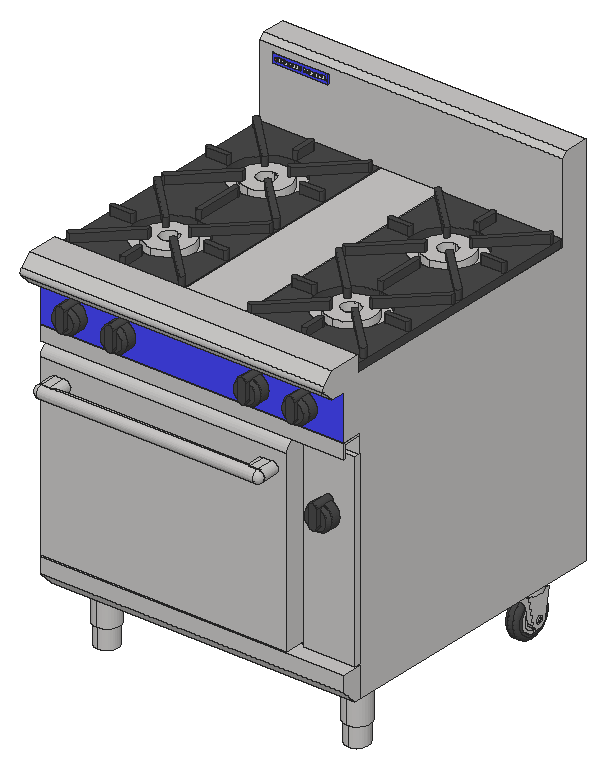
Revit family "QF_MOFFAT_BLUESEAL_CE_G54D", category Specialty Equipment, Revit 2012
Parameters
  Width = 750 mm  # constant formula
  Weight in Pounds = 399
  Watts = 130 W
  Volts = 230 V
  URL Cutsheet = "www.moffat.com"
  URL = "www.moffat.com"
  Type Mark [instance] = ""
  Status [instance] = ""
  Specification by User [instance] = ""
  Specification by Manufacturer = ""
  Show Logo [instance] = yes
  Show Clearance [instance] = yes
  Show Casters [instance] = yes
  Serial Number = ""
  Seismic Rating = ""
  SMACNA No = ""
  Revision Code [instance] = ""
  Phase = 1
  Omniclass Number and Title = ""
  Number of Poles [instance] = 1
  NAFEM Spec ID Number = ""
  Model = "G54D"
  Min Ckt Ampacity = 0 A
  Mechanical Remarks [instance] = ""
  Mechanical Connection Type [instance] = ""
  Max Overcurrent Protection = 0 A
  Masterspec = ""
  Manufacturer = "MOFFAT BLUESEAL"
  Legs [instance] = not(Show Casters)  # no
  Item Number [instance] = ""
  Installed By [instance] = ""
  Identify Quantity as Lot [instance] = yes
  Height = 1085 mm  # constant formula
  HP = ""
  Gas Size = 3/4"
  Gas RI Height [instance] = 0 mm
  Gas KW = 39.4
  Gas Input = 134590.0 Btu/h
  Gas Connection Height = 0 mm
  Furnished By [instance] = ""
  Foodservice Equipment Identifier [instance] = yes
  FL Amps = 0.6 A
  Electrical Remarks = ""
  Electric Connection Type = ""
  Elec Conn RI Height = 0 mm
  Elec Conn Connection Height = 0 mm
  Description = "750MM GAS RANGE WITH CONVECTION OVEN"
  Depth = 812 mm  # constant formula
  Cycle = 60 Hz
  Conn Plug = ""
  Conn Conduit = yes
  CSI MasterFormat = ""
  CSI Master Format = ""
  Apparent Power = 0 VA
Reference planes
  plane 1 "BACK": y = 0
  plane 2: z = 0
  plane 3 "LEFT": x = 0
  plane 4 "RIGHT": x = 750
  plane 5 "FRONT": y = -812
  plane 6 "TOP": z = 970
  plane 7 "Center Y": x = 375
  plane 8 "Center X": y = -406
  plane 9: y = -100
  plane 10 "Base Height": z = 150
  plane 11: x = 65.8
  plane 12: x = 620
  plane 13: x = 685
  plane 14: x = 684.2
  plane 15: y = -500
  plane 16: x = 676
  plane 17: z = 1085
Forms (mm)
  Extrusion 1, solid, material "QF_Finishes_Stainless Steel"
    sketch origin (0, 0, 0) x (0, 1, 0) y (0, 0, 1)
      loop
        line (-784.97, 850) -> (-749, 850) -> (-749, 740) -> (-699, 740) -> (-699, 150) -> (0, 150) -> (0, 1085) -> (-57.5, 1085) -> (-70, 1072.5) -> (-70, 875) -> (-705, 875) -> (-705, 915) -> (-783.97, 915) -> (-808.469, 890.501)
        arc (-808.469, 890.501) -> (-811.99, 882) -> (-808.469, 873.499) r 12.022
        line (-808.469, 873.499) -> (-784.97, 850)
    from 0 to 750
  Extrusion 2, solid, material "QF_Finishes_Stainless Steel"
    sketch origin (555.062, 3, 100) x (1, 0, 0) y (0, 1, 0)
      loop
        circle (65, -35) r 13.5
    from 555 to 640
  Revolve 3, solid, material "QF_Finishes_Stainless Steel"
    sketch origin (65, -728, 0) x (0, 1, 0) y (0, 0, 1)
      loop
        line (71.25, 150) -> (71.25, 50) -> (75.5, 50) -> (75.5, 0) -> (103, 0) -> (103, 150) -> (71.25, 150)
      axis (103, 150) -> (103, 0)
    angle from 0 to 360
  Extrusion 4, solid, material "QF_Finishes_Black"
    sketch origin (0, -70, 875) x (0, -1, 0) y (1, 0, 0)
      loop
        arc (1, 4) -> (1.879, 1.879) -> (4, 1) r 3
        line (4, 1) -> (632, 1)
        arc (632, 1) -> (634.121, 1.879) -> (635, 4) r 3
        line (635, 4) -> (635, 297)
        arc (635, 297) -> (634.121, 299.121) -> (632, 300) r 3
        line (632, 300) -> (4, 300)
        arc (4, 300) -> (1.879, 299.121) -> (1, 297) r 3
        line (1, 297) -> (1, 4)
      loop
        circle (167.5, 150) r 85
      loop
        circle (467.768, 150) r 85
    from 0 to 19.5
  Extrusion 5, solid, material "QF_Finishes_Black"
    sketch origin (0, -73.5, 894.5) x (0, -1, 0) y (1, 0, 0)
      loop
        spline (323.602, 15.153) -> (322.681, 13.924) -> (322.131, 12.47) -> (321.99, 10.89) -> (322.267, 9.292) -> (322.943, 7.786) -> (323.973, 6.473) -> (325.286, 5.443) -> (326.792, 4.767) -> (328.39, 4.49) -> (329.97, 4.631) -> (331.424, 5.181) -> (332.653, 6.102)
        line (332.653, 6.102) -> (440.576, 114.025)
        spline (440.576, 114.025) -> (441.337, 115.095) -> (441.738, 116.399) -> (441.751, 117.851) -> (441.375, 119.35) -> (440.637, 120.795) -> (439.586, 122.086) -> (438.295, 123.137) -> (436.85, 123.875) -> (435.351, 124.251) -> (433.899, 124.238) -> (432.595, 123.837) -> (431.525, 123.076)
        line (431.525, 123.076) -> (323.602, 15.153)
      loop
        spline (371.852, 143.6) -> (373.146, 143.818) -> (374.352, 144.457) -> (375.388, 145.475) -> (376.182, 146.8) -> (376.682, 148.344) -> (376.852, 150) -> (376.682, 151.656) -> (376.182, 153.2) -> (375.388, 154.525) -> (374.352, 155.543) -> (373.146, 156.182) -> (371.852, 156.4)
        line (371.852, 156.4) -> (259.398, 156.4)
        spline (259.398, 156.4) -> (258.104, 156.182) -> (256.898, 155.543) -> (255.862, 154.525) -> (255.068, 153.2) -> (254.568, 151.656) -> (254.398, 150) -> (254.568, 148.344) -> (255.068, 146.8) -> (255.862, 145.475) -> (256.898, 144.457) -> (258.104, 143.818) -> (259.398, 143.6)
        line (259.398, 143.6) -> (371.852, 143.6)
      loop
        line (311.398, 15.153) -> (203.475, 123.076)
        spline (203.475, 123.076) -> (202.405, 123.837) -> (201.101, 124.238) -> (199.649, 124.251) -> (198.15, 123.875) -> (196.705, 123.137) -> (195.414, 122.086) -> (194.363, 120.795) -> (193.625, 119.35) -> (193.249, 117.851) -> (193.262, 116.399) -> (193.663, 115.095) -> (194.424, 114.025)
        line (194.424, 114.025) -> (302.347, 6.102)
        spline (302.347, 6.102) -> (303.416, 5.341) -> (304.721, 4.941) -> (306.172, 4.928) -> (307.671, 5.303) -> (309.116, 6.041) -> (310.408, 7.092) -> (311.459, 8.384) -> (312.197, 9.829) -> (312.572, 11.328) -> (312.559, 12.779) -> (312.159, 14.084) -> (311.398, 15.153)
      loop
        line (323.602, 284.847) -> (431.525, 176.924)
        spline (431.525, 176.924) -> (432.595, 176.163) -> (433.899, 175.762) -> (435.351, 175.749) -> (436.85, 176.125) -> (438.295, 176.863) -> (439.586, 177.914) -> (440.637, 179.205) -> (441.375, 180.65) -> (441.751, 182.149) -> (441.738, 183.601) -> (441.337, 184.905) -> (440.576, 185.975)
        line (440.576, 185.975) -> (332.653, 293.898)
        spline (332.653, 293.898) -> (331.424, 294.819) -> (329.97, 295.369) -> (328.39, 295.51) -> (326.792, 295.233) -> (325.286, 294.557) -> (323.973, 293.527) -> (322.943, 292.214) -> (322.267, 290.708) -> (321.99, 289.11) -> (322.131, 287.53) -> (322.681, 286.076) -> (323.602, 284.847)
      loop
        spline (311.398, 284.847) -> (312.159, 285.916) -> (312.559, 287.221) -> (312.572, 288.672) -> (312.197, 290.171) -> (311.459, 291.616) -> (310.408, 292.908) -> (309.116, 293.959) -> (307.671, 294.697) -> (306.172, 295.072) -> (304.721, 295.059) -> (303.416, 294.659) -> (302.347, 293.898)
        line (302.347, 293.898) -> (194.424, 185.975)
        spline (194.424, 185.975) -> (193.663, 184.905) -> (193.262, 183.601) -> (193.249, 182.149) -> (193.625, 180.65) -> (194.363, 179.205) -> (195.414, 177.914) -> (196.705, 176.863) -> (198.15, 176.125) -> (199.649, 175.749) -> (201.101, 175.762) -> (202.405, 176.163) -> (203.475, 176.924)
        line (203.475, 176.924) -> (311.398, 284.847)
      loop
        spline (73.549, 143.6) -> (74.844, 143.818) -> (76.049, 144.457) -> (77.085, 145.475) -> (77.88, 146.8) -> (78.379, 148.344) -> (78.549, 150) -> (78.379, 151.656) -> (77.88, 153.2) -> (77.085, 154.525) -> (76.049, 155.543) -> (74.844, 156.182) -> (73.549, 156.4)
        line (73.549, 156.4) -> (25.093, 156.4)
        spline (25.093, 156.4) -> (23.799, 156.182) -> (22.593, 155.543) -> (21.558, 154.525) -> (20.763, 153.2) -> (20.264, 151.656) -> (20.093, 150) -> (20.264, 148.344) -> (20.763, 146.8) -> (21.558, 145.475) -> (22.593, 144.457) -> (23.799, 143.818) -> (25.093, 143.6)
        line (25.093, 143.6) -> (73.549, 143.6)
      loop
        spline (608.1, 143.6) -> (609.394, 143.818) -> (610.6, 144.457) -> (611.636, 145.475) -> (612.43, 146.8) -> (612.93, 148.344) -> (613.1, 150) -> (612.93, 151.656) -> (612.43, 153.2) -> (611.636, 154.525) -> (610.6, 155.543) -> (609.394, 156.182) -> (608.1, 156.4)
        line (608.1, 156.4) -> (558.644, 156.4)
        spline (558.644, 156.4) -> (557.35, 156.182) -> (556.144, 155.543) -> (555.108, 154.525) -> (554.314, 153.2) -> (553.814, 151.656) -> (553.644, 150) -> (553.814, 148.344) -> (554.314, 146.8) -> (555.108, 145.475) -> (556.144, 144.457) -> (557.35, 143.818) -> (558.644, 143.6)
        line (558.644, 143.6) -> (608.1, 143.6)
      loop
        spline (457.6, 10.156) -> (457.818, 8.862) -> (458.457, 7.656) -> (459.475, 6.62) -> (460.8, 5.826) -> (462.344, 5.326) -> (464, 5.156) -> (465.656, 5.326) -> (467.2, 5.826) -> (468.525, 6.62) -> (469.543, 7.656) -> (470.182, 8.862) -> (470.4, 10.156)
        line (470.4, 10.156) -> (470.4, 58.612)
        spline (470.4, 58.612) -> (470.182, 59.906) -> (469.543, 61.112) -> (468.525, 62.148) -> (467.2, 62.942) -> (465.656, 63.442) -> (464, 63.612) -> (462.344, 63.442) -> (460.8, 62.942) -> (459.475, 62.148) -> (458.457, 61.112) -> (457.818, 59.906) -> (457.6, 58.612)
        line (457.6, 58.612) -> (457.6, 10.156)
      loop
        spline (160.966, 10.156) -> (161.184, 8.862) -> (161.823, 7.656) -> (162.841, 6.62) -> (164.166, 5.826) -> (165.71, 5.326) -> (167.366, 5.156) -> (169.022, 5.326) -> (170.566, 5.826) -> (171.892, 6.62) -> (172.909, 7.656) -> (173.548, 8.862) -> (173.766, 10.156)
        line (173.766, 10.156) -> (173.766, 58.612)
        spline (173.766, 58.612) -> (173.548, 59.906) -> (172.909, 61.112) -> (171.892, 62.148) -> (170.566, 62.942) -> (169.022, 63.442) -> (167.366, 63.612) -> (165.71, 63.442) -> (164.166, 62.942) -> (162.841, 62.148) -> (161.823, 61.112) -> (161.184, 59.906) -> (160.966, 58.612)
        line (160.966, 58.612) -> (160.966, 10.156)
      loop
        spline (457.6, 241.636) -> (457.818, 240.342) -> (458.457, 239.136) -> (459.475, 238.1) -> (460.8, 237.306) -> (462.344, 236.806) -> (464, 236.636) -> (465.656, 236.806) -> (467.2, 237.306) -> (468.525, 238.1) -> (469.543, 239.136) -> (470.182, 240.342) -> (470.4, 241.636)
        line (470.4, 241.636) -> (470.4, 290.092)
        spline (470.4, 290.092) -> (470.182, 291.386) -> (469.543, 292.592) -> (468.525, 293.628) -> (467.2, 294.422) -> (465.656, 294.922) -> (464, 295.092) -> (462.344, 294.922) -> (460.8, 294.422) -> (459.475, 293.628) -> (458.457, 292.592) -> (457.818, 291.386) -> (457.6, 290.092)
        line (457.6, 290.092) -> (457.6, 241.636)
      loop
        spline (160.966, 241.636) -> (161.184, 240.342) -> (161.823, 239.136) -> (162.841, 238.1) -> (164.166, 237.306) -> (165.71, 236.806) -> (167.366, 236.636) -> (169.022, 236.806) -> (170.566, 237.306) -> (171.892, 238.1) -> (172.909, 239.136) -> (173.548, 240.342) -> (173.766, 241.636)
        line (173.766, 241.636) -> (173.766, 290.092)
        spline (173.766, 290.092) -> (173.548, 291.386) -> (172.909, 292.592) -> (171.892, 293.628) -> (170.566, 294.422) -> (169.022, 294.922) -> (167.366, 295.092) -> (165.71, 294.922) -> (164.166, 294.422) -> (162.841, 293.628) -> (161.823, 292.592) -> (161.184, 291.386) -> (160.966, 290.092)
        line (160.966, 290.092) -> (160.966, 241.636)
      loop
        line (323.602, 734.847) -> (431.525, 626.924)
        spline (431.525, 626.924) -> (432.595, 626.163) -> (433.899, 625.762) -> (435.351, 625.749) -> (436.85, 626.125) -> (438.295, 626.863) -> (439.586, 627.914) -> (440.637, 629.205) -> (441.375, 630.65) -> (441.751, 632.149) -> (441.738, 633.601) -> (441.337, 634.905) -> (440.576, 635.975)
        line (440.576, 635.975) -> (332.653, 743.898)
        spline (332.653, 743.898) -> (331.424, 744.819) -> (329.97, 745.369) -> (328.39, 745.51) -> (326.792, 745.233) -> (325.286, 744.557) -> (323.973, 743.527) -> (322.943, 742.214) -> (322.267, 740.708) -> (321.99, 739.11) -> (322.131, 737.53) -> (322.681, 736.076) -> (323.602, 734.847)
      loop
        line (371.852, 606.4) -> (259.398, 606.4)
        spline (259.398, 606.4) -> (258.104, 606.182) -> (256.898, 605.543) -> (255.862, 604.525) -> (255.068, 603.2) -> (254.568, 601.656) -> (254.398, 600) -> (254.568, 598.344) -> (255.068, 596.8) -> (255.862, 595.475) -> (256.898, 594.457) -> (258.104, 593.818) -> (259.398, 593.6)
        line (259.398, 593.6) -> (371.852, 593.6)
        spline (371.852, 593.6) -> (373.146, 593.818) -> (374.352, 594.457) -> (375.388, 595.475) -> (376.182, 596.8) -> (376.682, 598.344) -> (376.852, 600) -> (376.682, 601.656) -> (376.182, 603.2) -> (375.388, 604.525) -> (374.352, 605.543) -> (373.146, 606.182) -> (371.852, 606.4)
      loop
        spline (311.398, 734.847) -> (312.159, 735.916) -> (312.559, 737.221) -> (312.572, 738.672) -> (312.197, 740.171) -> (311.459, 741.616) -> (310.408, 742.908) -> (309.116, 743.959) -> (307.671, 744.697) -> (306.172, 745.072) -> (304.721, 745.059) -> (303.416, 744.659) -> (302.347, 743.898)
        line (302.347, 743.898) -> (194.424, 635.975)
        spline (194.424, 635.975) -> (193.663, 634.905) -> (193.262, 633.601) -> (193.249, 632.149) -> (193.625, 630.65) -> (194.363, 629.205) -> (195.414, 627.914) -> (196.705, 626.863) -> (198.15, 626.125) -> (199.649, 625.749) -> (201.101, 625.762) -> (202.405, 626.163) -> (203.475, 626.924)
        line (203.475, 626.924) -> (311.398, 734.847)
      loop
        spline (323.602, 465.153) -> (322.681, 463.924) -> (322.131, 462.47) -> (321.99, 460.89) -> (322.267, 459.292) -> (322.943, 457.786) -> (323.973, 456.473) -> (325.286, 455.443) -> (326.792, 454.767) -> (328.39, 454.49) -> (329.97, 454.631) -> (331.424, 455.181) -> (332.653, 456.102)
        line (332.653, 456.102) -> (440.576, 564.025)
        spline (440.576, 564.025) -> (441.337, 565.095) -> (441.738, 566.399) -> (441.751, 567.851) -> (441.375, 569.35) -> (440.637, 570.795) -> (439.586, 572.086) -> (438.295, 573.137) -> (436.85, 573.875) -> (435.351, 574.251) -> (433.899, 574.238) -> (432.595, 573.837) -> (431.525, 573.076)
        line (431.525, 573.076) -> (323.602, 465.153)
      loop
        line (311.398, 465.153) -> (203.475, 573.076)
        spline (203.475, 573.076) -> (202.405, 573.837) -> (201.101, 574.238) -> (199.649, 574.251) -> (198.15, 573.875) -> (196.705, 573.137) -> (195.414, 572.086) -> (194.363, 570.795) -> (193.625, 569.35) -> (193.249, 567.851) -> (193.262, 566.399) -> (193.663, 565.095) -> (194.424, 564.025)
        line (194.424, 564.025) -> (302.347, 456.102)
        spline (302.347, 456.102) -> (303.416, 455.341) -> (304.721, 454.941) -> (306.172, 454.928) -> (307.671, 455.303) -> (309.116, 456.041) -> (310.408, 457.092) -> (311.459, 458.384) -> (312.197, 459.829) -> (312.572, 461.328) -> (312.559, 462.779) -> (312.159, 464.084) -> (311.398, 465.153)
      loop
        line (73.549, 606.4) -> (25.093, 606.4)
        spline (25.093, 606.4) -> (23.799, 606.182) -> (22.593, 605.543) -> (21.558, 604.525) -> (20.763, 603.2) -> (20.264, 601.656) -> (20.093, 600) -> (20.264, 598.344) -> (20.763, 596.8) -> (21.558, 595.475) -> (22.593, 594.457) -> (23.799, 593.818) -> (25.093, 593.6)
        line (25.093, 593.6) -> (73.549, 593.6)
        spline (73.549, 593.6) -> (74.844, 593.818) -> (76.049, 594.457) -> (77.085, 595.475) -> (77.88, 596.8) -> (78.379, 598.344) -> (78.549, 600) -> (78.379, 601.656) -> (77.88, 603.2) -> (77.085, 604.525) -> (76.049, 605.543) -> (74.844, 606.182) -> (73.549, 606.4)
      loop
        line (608.1, 606.4) -> (558.644, 606.4)
        spline (558.644, 606.4) -> (557.35, 606.182) -> (556.144, 605.543) -> (555.108, 604.525) -> (554.314, 603.2) -> (553.814, 601.656) -> (553.644, 600) -> (553.814, 598.344) -> (554.314, 596.8) -> (555.108, 595.475) -> (556.144, 594.457) -> (557.35, 593.818) -> (558.644, 593.6)
        line (558.644, 593.6) -> (608.1, 593.6)
        spline (608.1, 593.6) -> (609.394, 593.818) -> (610.6, 594.457) -> (611.636, 595.475) -> (612.43, 596.8) -> (612.93, 598.344) -> (613.1, 600) -> (612.93, 601.656) -> (612.43, 603.2) -> (611.636, 604.525) -> (610.6, 605.543) -> (609.394, 606.182) -> (608.1, 606.4)
      loop
        line (457.6, 739.844) -> (457.6, 691.388)
        spline (457.6, 691.388) -> (457.818, 690.094) -> (458.457, 688.888) -> (459.475, 687.852) -> (460.8, 687.058) -> (462.344, 686.558) -> (464, 686.388) -> (465.656, 686.558) -> (467.2, 687.058) -> (468.525, 687.852) -> (469.543, 688.888) -> (470.182, 690.094) -> (470.4, 691.388)
        line (470.4, 691.388) -> (470.4, 739.844)
        spline (470.4, 739.844) -> (470.182, 741.138) -> (469.543, 742.344) -> (468.525, 743.38) -> (467.2, 744.174) -> (465.656, 744.674) -> (464, 744.844) -> (462.344, 744.674) -> (460.8, 744.174) -> (459.475, 743.38) -> (458.457, 742.344) -> (457.818, 741.138) -> (457.6, 739.844)
      loop
        line (160.966, 739.844) -> (160.966, 691.388)
        spline (160.966, 691.388) -> (161.184, 690.094) -> (161.823, 688.888) -> (162.841, 687.852) -> (164.166, 687.058) -> (165.71, 686.558) -> (167.366, 686.388) -> (169.022, 686.558) -> (170.566, 687.058) -> (171.892, 687.852) -> (172.909, 688.888) -> (173.548, 690.094) -> (173.766, 691.388)
        line (173.766, 691.388) -> (173.766, 739.844)
        spline (173.766, 739.844) -> (173.548, 741.138) -> (172.909, 742.344) -> (171.892, 743.38) -> (170.566, 744.174) -> (169.022, 744.674) -> (167.366, 744.844) -> (165.71, 744.674) -> (164.166, 744.174) -> (162.841, 743.38) -> (161.823, 742.344) -> (161.184, 741.138) -> (160.966, 739.844)
      loop
        line (457.6, 508.364) -> (457.6, 459.908)
        spline (457.6, 459.908) -> (457.818, 458.614) -> (458.457, 457.408) -> (459.475, 456.372) -> (460.8, 455.578) -> (462.344, 455.078) -> (464, 454.908) -> (465.656, 455.078) -> (467.2, 455.578) -> (468.525, 456.372) -> (469.543, 457.408) -> (470.182, 458.614) -> (470.4, 459.908)
        line (470.4, 459.908) -> (470.4, 508.364)
        spline (470.4, 508.364) -> (470.182, 509.658) -> (469.543, 510.864) -> (468.525, 511.9) -> (467.2, 512.694) -> (465.656, 513.194) -> (464, 513.364) -> (462.344, 513.194) -> (460.8, 512.694) -> (459.475, 511.9) -> (458.457, 510.864) -> (457.818, 509.658) -> (457.6, 508.364)
      loop
        line (160.966, 508.364) -> (160.966, 459.908)
        spline (160.966, 459.908) -> (161.184, 458.614) -> (161.823, 457.408) -> (162.841, 456.372) -> (164.166, 455.578) -> (165.71, 455.078) -> (167.366, 454.908) -> (169.022, 455.078) -> (170.566, 455.578) -> (171.892, 456.372) -> (172.909, 457.408) -> (173.548, 458.614) -> (173.766, 459.908)
        line (173.766, 459.908) -> (173.766, 508.364)
        spline (173.766, 508.364) -> (173.548, 509.658) -> (172.909, 510.864) -> (171.892, 511.9) -> (170.566, 512.694) -> (169.022, 513.194) -> (167.366, 513.364) -> (165.71, 513.194) -> (164.166, 512.694) -> (162.841, 511.9) -> (161.823, 510.864) -> (161.184, 509.658) -> (160.966, 508.364)
      loop
        spline (604.398, 734.847) -> (605.319, 736.076) -> (605.869, 737.53) -> (606.01, 739.11) -> (605.733, 740.708) -> (605.057, 742.214) -> (604.027, 743.527) -> (602.714, 744.557) -> (601.208, 745.233) -> (599.61, 745.51) -> (598.03, 745.369) -> (596.576, 744.819) -> (595.347, 743.898)
        line (595.347, 743.898) -> (487.424, 635.975)
        spline (487.424, 635.975) -> (486.663, 634.905) -> (486.262, 633.601) -> (486.249, 632.149) -> (486.625, 630.65) -> (487.363, 629.205) -> (488.414, 627.914) -> (489.705, 626.863) -> (491.15, 626.125) -> (492.649, 625.749) -> (494.101, 625.762) -> (495.405, 626.163) -> (496.475, 626.924)
        line (496.475, 626.924) -> (604.398, 734.847)
      loop
        line (604.398, 465.153) -> (496.475, 573.076)
        spline (496.475, 573.076) -> (495.405, 573.837) -> (494.101, 574.238) -> (492.649, 574.251) -> (491.15, 573.875) -> (489.705, 573.137) -> (488.414, 572.086) -> (487.363, 570.795) -> (486.625, 569.35) -> (486.249, 567.851) -> (486.262, 566.399) -> (486.663, 565.095) -> (487.424, 564.025)
        line (487.424, 564.025) -> (595.347, 456.102)
        spline (595.347, 456.102) -> (596.576, 455.181) -> (598.03, 454.631) -> (599.61, 454.49) -> (601.208, 454.767) -> (602.714, 455.443) -> (604.027, 456.473) -> (605.057, 457.786) -> (605.733, 459.292) -> (606.01, 460.89) -> (605.869, 462.47) -> (605.319, 463.924) -> (604.398, 465.153)
      loop
        line (604.398, 15.153) -> (496.475, 123.076)
        spline (496.475, 123.076) -> (495.405, 123.837) -> (494.101, 124.238) -> (492.649, 124.251) -> (491.15, 123.875) -> (489.705, 123.137) -> (488.414, 122.086) -> (487.363, 120.795) -> (486.625, 119.35) -> (486.249, 117.851) -> (486.262, 116.399) -> (486.663, 115.095) -> (487.424, 114.025)
        line (487.424, 114.025) -> (595.347, 6.102)
        spline (595.347, 6.102) -> (596.576, 5.181) -> (598.03, 4.631) -> (599.61, 4.49) -> (601.208, 4.767) -> (602.714, 5.443) -> (604.027, 6.473) -> (605.057, 7.786) -> (605.733, 9.292) -> (606.01, 10.89) -> (605.869, 12.47) -> (605.319, 13.924) -> (604.398, 15.153)
      loop
        spline (604.398, 284.847) -> (605.319, 286.076) -> (605.869, 287.53) -> (606.01, 289.11) -> (605.733, 290.708) -> (605.057, 292.214) -> (604.027, 293.527) -> (602.714, 294.557) -> (601.208, 295.233) -> (599.61, 295.51) -> (598.03, 295.369) -> (596.576, 294.819) -> (595.347, 293.898)
        line (595.347, 293.898) -> (487.424, 185.975)
        spline (487.424, 185.975) -> (486.663, 184.905) -> (486.262, 183.601) -> (486.249, 182.149) -> (486.625, 180.65) -> (487.363, 179.205) -> (488.414, 177.914) -> (489.705, 176.863) -> (491.15, 176.125) -> (492.649, 175.749) -> (494.101, 175.762) -> (495.405, 176.163) -> (496.475, 176.924)
        line (496.475, 176.924) -> (604.398, 284.847)
      loop
        line (16.602, 734.847) -> (124.525, 626.924)
        spline (124.525, 626.924) -> (125.595, 626.163) -> (126.899, 625.762) -> (128.351, 625.749) -> (129.85, 626.125) -> (131.295, 626.863) -> (132.586, 627.914) -> (133.637, 629.205) -> (134.375, 630.65) -> (134.751, 632.149) -> (134.738, 633.601) -> (134.337, 634.905) -> (133.576, 635.975)
        line (133.576, 635.975) -> (25.653, 743.898)
        spline (25.653, 743.898) -> (24.584, 744.659) -> (23.279, 745.059) -> (21.828, 745.072) -> (20.329, 744.697) -> (18.884, 743.959) -> (17.592, 742.908) -> (16.541, 741.616) -> (15.803, 740.171) -> (15.428, 738.672) -> (15.441, 737.221) -> (15.841, 735.916) -> (16.602, 734.847)
      loop
        spline (16.602, 465.153) -> (15.841, 464.084) -> (15.441, 462.779) -> (15.428, 461.328) -> (15.803, 459.829) -> (16.541, 458.384) -> (17.592, 457.092) -> (18.884, 456.041) -> (20.329, 455.303) -> (21.828, 454.928) -> (23.279, 454.941) -> (24.584, 455.341) -> (25.653, 456.102)
        line (25.653, 456.102) -> (133.576, 564.025)
        spline (133.576, 564.025) -> (134.337, 565.095) -> (134.738, 566.399) -> (134.751, 567.851) -> (134.375, 569.35) -> (133.637, 570.795) -> (132.586, 572.086) -> (131.295, 573.137) -> (129.85, 573.875) -> (128.351, 574.251) -> (126.899, 574.238) -> (125.595, 573.837) -> (124.525, 573.076)
        line (124.525, 573.076) -> (16.602, 465.153)
      loop
        spline (16.602, 15.153) -> (15.841, 14.084) -> (15.441, 12.779) -> (15.428, 11.328) -> (15.803, 9.829) -> (16.541, 8.384) -> (17.592, 7.092) -> (18.884, 6.041) -> (20.329, 5.303) -> (21.828, 4.928) -> (23.279, 4.941) -> (24.584, 5.341) -> (25.653, 6.102)
        line (25.653, 6.102) -> (133.576, 114.025)
        spline (133.576, 114.025) -> (134.337, 115.095) -> (134.738, 116.399) -> (134.751, 117.851) -> (134.375, 119.35) -> (133.637, 120.795) -> (132.586, 122.086) -> (131.295, 123.137) -> (129.85, 123.875) -> (128.351, 124.251) -> (126.899, 124.238) -> (125.595, 123.837) -> (124.525, 123.076)
        line (124.525, 123.076) -> (16.602, 15.153)
      loop
        line (16.602, 284.847) -> (124.525, 176.924)
        spline (124.525, 176.924) -> (125.595, 176.163) -> (126.899, 175.762) -> (128.351, 175.749) -> (129.85, 176.125) -> (131.295, 176.863) -> (132.586, 177.914) -> (133.637, 179.205) -> (134.375, 180.65) -> (134.751, 182.149) -> (134.738, 183.601) -> (134.337, 184.905) -> (133.576, 185.975)
        line (133.576, 185.975) -> (25.653, 293.898)
        spline (25.653, 293.898) -> (24.584, 294.659) -> (23.279, 295.059) -> (21.828, 295.072) -> (20.329, 294.697) -> (18.884, 293.959) -> (17.592, 292.908) -> (16.541, 291.616) -> (15.803, 290.171) -> (15.428, 288.672) -> (15.441, 287.221) -> (15.841, 285.916) -> (16.602, 284.847)
    from 0 to 20.5
  Revolve 6, solid, material "QF_Finishes_Stainless Steel"
    sketch origin (685, -728, 0) x (0, 1, 0) y (0, 0, -1)
      loop
        line (71.25, -150) -> (103, -150) -> (103, 0) -> (75.5, 0) -> (75.5, -50) -> (71.25, -50) -> (71.25, -150)
      axis (103, -150) -> (103, 0)
    angle from 0 to 360
  Extrusion 7, solid, material "QF_Finishes_Stainless Steel"
    sketch origin (0, -70, 875) x (0, -1, 0) y (1, 0, 0)
      loop
        line (634, 300) -> (634, 450) -> (0, 450) -> (0, 300) -> (634, 300)
    from 0 to 19.5
  Extrusion 8, void
    sketch origin (0, -749, 227.5) x (0, 0, -1) y (-1, 0, 0)
      loop
        line (-465, -610) -> (-465, -625) -> (0, -625) -> (0, -610) -> (-465, -610)
    from -7 to 50
  Extrusion 9, solid, material "QF_Finishes_Black"
    sketch origin (750, -70, 875) x (0, -1, 0) y (1, 0, 0)
      loop
        line (1, -4) -> (1, -297)
        arc (1, -297) -> (1.879, -299.121) -> (4, -300) r 3
        line (4, -300) -> (632, -300)
        arc (632, -300) -> (634.121, -299.121) -> (635, -297) r 3
        line (635, -297) -> (635, -4)
        arc (635, -4) -> (634.121, -1.879) -> (632, -1) r 3
        line (632, -1) -> (4, -1)
        arc (4, -1) -> (1.879, -1.879) -> (1, -4) r 3
      loop
        circle (167.5, -150) r 85
      loop
        circle (467.768, -150) r 85
    from 0 to 19.5
  Revolve 10, solid, material "QF_Finishes_Black"
    sketch origin (210, 7, 758.895) x (0, -1, 0) y (0, 0, 1)
      loop
        line (789, 69.605) -> (766, 69.605) -> (766, 42.105) -> (756, 42.105) -> (756, 37.105) -> (800, 37.105) -> (800, 63.757) -> (789, 69.605)
      axis (800, 37.105) -> (756, 37.105)
    angle from 0 to 360
  Revolve 11, solid, material "QF_Finishes_Black"
    sketch origin (89.999, 7, 758.768) x (0, 1, 0) y (0, 0, -1)
      loop
        line (-789, -69.5) -> (-766, -69.5) -> (-766, -42) -> (-756, -42) -> (-756, -37) -> (-800, -37) -> (-800, -63.651) -> (-789, -69.5)
      axis (-800, -37) -> (-756, -37)
    angle from 0 to 360
  Extrusion 12, solid, material "QF_Finishes_Black"
    sketch origin (228.269, 7, 758.926) x (-1, 0, 0) y (0, 0, -1)
      loop
        arc (148.269, -24.969) -> (138.269, -14.969) -> (128.269, -24.969) r 10
        line (128.269, -24.969) -> (128.269, -63.969)
        arc (128.269, -63.969) -> (138.269, -73.969) -> (148.269, -63.969) r 10
        line (148.269, -63.969) -> (148.269, -24.969)
    from 759 to 808
  Extrusion 13, solid, material "QF_Finishes_Black"
    sketch origin (349.45, 7, 758.926) x (-1, 0, 0) y (0, 0, -1)
      loop
        arc (148.269, -24.969) -> (138.269, -14.969) -> (128.269, -24.969) r 10
        line (128.269, -24.969) -> (128.269, -63.969)
        arc (128.269, -63.969) -> (138.269, -73.969) -> (148.269, -63.969) r 10
        line (148.269, -63.969) -> (148.269, -24.969)
    from 759 to 808
  Revolve 14, solid, material "QF_Finishes_Black"
    sketch origin (540, 7, 758.895) x (0, -1, 0) y (0, 0, -1)
      loop
        line (789, -69.605) -> (800, -63.757) -> (800, -37.105) -> (756, -37.105) -> (756, -42.105) -> (766, -42.105) -> (766, -69.605) -> (789, -69.605)
      axis (800, -37.105) -> (756, -37.105)
    angle from 0 to 360
  Revolve 15, solid, material "QF_Finishes_Black"
    sketch origin (660.001, 7, 758.768) x (0, 1, 0) y (0, 0, 1)
      loop
        line (-789, 69.5) -> (-800, 63.651) -> (-800, 37) -> (-756, 37) -> (-756, 42) -> (-766, 42) -> (-766, 69.5) -> (-789, 69.5)
      axis (-800, 37) -> (-756, 37)
    angle from 0 to 360
  Extrusion 16, solid, material "QF_Finishes_Black"
    sketch origin (521.731, 7, 758.926) x (1, 0, 0) y (0, 0, 1)
      loop
        line (148.269, 24.969) -> (148.269, 63.969)
        arc (148.269, 63.969) -> (138.269, 73.969) -> (128.269, 63.969) r 10
        line (128.269, 63.969) -> (128.269, 24.969)
        arc (128.269, 24.969) -> (138.269, 14.969) -> (148.269, 24.969) r 10
    from 759 to 808
  Extrusion 17, solid, material "QF_Finishes_Black"
    sketch origin (401.731, 7, 758.926) x (1, 0, 0) y (0, 0, 1)
      loop
        line (148.269, 24.969) -> (148.269, 63.969)
        arc (148.269, 63.969) -> (138.269, 73.969) -> (128.269, 63.969) r 10
        line (128.269, 63.969) -> (128.269, 24.969)
        arc (128.269, 24.969) -> (138.269, 14.969) -> (148.269, 24.969) r 10
    from 759 to 808
  Revolve 18, solid, material "QF_Finishes_Black"
    sketch origin (687.53, 42.5, 355.134) x (0, 1, 0) y (0, 0, 1)
      loop
        line (-789, 229.5) -> (-800, 223.651) -> (-800, 197) -> (-756, 197) -> (-756, 202) -> (-766, 202) -> (-766, 229.5) -> (-789, 229.5)
      axis (-800, 197) -> (-756, 197)
    angle from 0 to 360
  Extrusion 19, solid, material "QF_Finishes_Black"
    sketch origin (549.26, 42.5, 355.292) x (1, 0, 0) y (0, 0, 1)
      loop
        line (148.269, 184.969) -> (148.269, 223.969)
        arc (148.269, 223.969) -> (138.269, 233.969) -> (128.269, 223.969) r 10
        line (128.269, 223.969) -> (128.269, 184.969)
        arc (128.269, 184.969) -> (138.269, 174.969) -> (148.269, 184.969) r 10
    from 759 to 808
  Extrusion 20, solid, material "QF_Door-Drawer Clearances", visible <- "Show Clearance", detail levels coarse
    sketch origin (0, 7, 0) x (0, -1, 0) y (0, 0, 1)
      loop
        line (756, 690.016) -> (756, 227.5) -> (1218.516, 227.5)
        arc (1218.516, 227.5) -> (1083.048, 554.548) -> (756, 690.016) r 462.516
    from 0 to -610
  Extrusion 21, void
    sketch origin (0, 0, 150) x (-1, 0, 0) y (0, -1, 0)
      loop
        line (-681, 87.26) -> (-681, -30.24) -> (-551.5, -30.24) -> (-551.5, 38.76) -> (-600, 87.26) -> (-681, 87.26)
    from 72.5 to 590
  Extrusion 22, void
    sketch origin (35, -749, 227.5) x (0, 0, -1) y (-1, 0, 0)
      loop
        line (-472.5, -590) -> (-472.5, -715) -> (0, -715) -> (0, -590) -> (-472.5, -590)
    from -7 to 35
  Extrusion 23, solid, material "QF_Finishes_Stainless Steel"
    sketch origin (0, -70, 875) x (0, -1, 0) y (1, 0, 0)
      loop
        circle (467.5, 600) r 57
      loop
        circle (167.5, 600) r 57
      loop
        circle (467.5, 600) r 22
      loop
        circle (167.5, 600) r 22
      loop
        circle (467.5, 150) r 57
      loop
        circle (167.5, 150) r 57
      loop
        circle (467.5, 150) r 22
      loop
        circle (167.5, 150) r 22
    from 0 to 19.5
  Extrusion 24, solid, material "QF_Finishes_Stainless Steel"
    sketch origin (0, -749, 227.5) x (0, 0, 1) y (-1, 0, 0)
      loop
        line (380.625, -38.246) -> (380.625, -58.528)
        arc (380.625, -58.528) -> (395.625, -73.528) -> (410.625, -58.528) r 15
        line (410.625, -58.528) -> (410.625, -38.246)
        arc (410.625, -38.246) -> (395.625, -23.246) -> (380.625, -38.246) r 15
      loop
        arc (380.625, -573.039) -> (395.625, -588.039) -> (410.625, -573.039) r 15
        line (410.625, -573.039) -> (410.625, -552.757)
        arc (410.625, -552.757) -> (395.625, -537.757) -> (380.625, -552.757) r 15
        line (380.625, -552.757) -> (380.625, -573.039)
    from 0 to 44
  Revolve 25, solid, material "QF_Finishes_Stainless Steel"
    sketch origin (0, -793, 0) x (1, 0, 0) y (0, 0, 1)
      loop
        arc (588.039, 623.125) -> (583.646, 633.732) -> (573.039, 638.125) r 15
        line (573.039, 638.125) -> (38.246, 638.125)
        arc (38.246, 638.125) -> (27.64, 633.732) -> (23.246, 623.125) r 15
        line (23.246, 623.125) -> (588.039, 623.125)
      axis (588.039, 623.125) -> (23.246, 623.125)
    angle from 0 to 360
  Extrusion 26, solid, material "QF_Finishes_Stainless Steel"
    sketch origin (0, 7, 0) x (0, 1, 0) y (0, 0, 1)
      loop
        line (-706, 227.5) -> (-706, 692.5) -> (-729.805, 692.5)
        arc (-729.805, 692.5) -> (-748.328, 684.828) -> (-756, 666.305) r 26.195
        line (-756, 666.305) -> (-756, 227.5) -> (-706, 227.5)
    from 0 to 750
  Extrusion 27, solid, material "QF_Finishes_Stainless Steel"
    sketch origin (0, 7, 0) x (0, 1, 0) y (0, 0, 1)
      loop
        line (-756, 738) -> (-756, 703) -> (-752.98, 703) -> (-752.98, 735) -> (-708, 735) -> (-708, 738) -> (-756, 738)
    from 0 to 750
  Extrusion 28, solid, material "QF_Finishes_Stainless Steel"
    sketch origin (0, 7, 0) x (0, 1, 0) y (0, 0, 1)
      loop
        line (-706, 222.5) -> (-756, 222.5) -> (-756, 186) -> (-720, 150) -> (-706, 150) -> (-706, 222.5)
    from 0 to 750
  Extrusion 29, solid, material "QF_Finishes_Stainless Steel"
    sketch origin (0, 0, 150) x (-1, 0, 0) y (0, -1, 0)
      loop
        circle (-676, 501) r 6.35
    from 0 to -1.6
  Extrusion 30, solid, material "QF_Finishes_Stainless Steel", visible <- "Show Casters"
    sketch origin (71.501, 133.353, -8.783) x (0, 1, 0) y (0, 0, 1)
      loop
        line (-201.603, 118.783) -> (-265.103, 118.783) -> (-252.746, 53.895)
        arc (-252.746, 53.895) -> (-233.353, 38.783) -> (-213.959, 53.895) r 20
        line (-213.959, 53.895) -> (-201.603, 118.783)
    from -35.667 to 22.923
  Revolve 31, solid, material "QF_Finishes_Stainless Steel", visible <- "Show Casters"
    sketch origin (65, -203, 0) x (0, 1, 0) y (0, 0, 1)
      loop
        line (67.25, 150) -> (67.25, 110) -> (103, 110) -> (103, 150) -> (67.25, 150)
      axis (103, 150) -> (103, 110)
    angle from 0 to 360
  Revolve 32, solid, material "QF_Finishes_Stainless Steel", visible <- "Show Casters"
    sketch origin (685, -203, 0) x (0, 1, 0) y (0, 0, -1)
      loop
        line (67.25, -150) -> (103, -150) -> (103, -110) -> (67.25, -110) -> (67.25, -150)
      axis (103, -150) -> (103, -110)
    angle from 0 to 360
  Revolve 33, solid, material "QF_Finishes_Stainless Steel", visible <- "Show Casters"
    sketch origin (635.776, -99.755, -13.653) x (1, 0, 0) y (0, 0, 1)
      loop
        line (14.841, 64.453) -> (83.584, 64.453) -> (83.584, 67.958) -> (82.314, 69.228) -> (80.79, 69.228) -> (80.79, 72.674) -> (68.644, 72.674) -> (68.644, 82.639) -> (65.088, 84.692) -> (63.738, 93.028) -> (65.881, 93.028) -> (65.881, 99.378) -> (65.088, 99.378) -> (65.088, 105.728)
        arc (65.088, 105.728) -> (62.298, 112.463) -> (55.563, 115.253) r 9.525
        line (55.563, 115.253) -> (42.863, 115.253)
        arc (42.863, 115.253) -> (36.127, 112.463) -> (33.338, 105.728) r 9.525
        line (33.338, 105.728) -> (33.338, 99.378) -> (32.544, 99.378) -> (32.544, 93.028) -> (34.687, 93.028) -> (33.352, 84.781) -> (29.782, 82.719) -> (29.782, 72.674) -> (17.635, 72.674) -> (17.635, 69.228) -> (16.111, 69.228) -> (14.841, 67.958) -> (14.841, 64.453)
      axis (14.841, 64.453) -> (83.584, 64.453)
    angle from 0 to 360
  Extrusion 34, solid, material "QF_Finishes_Stainless Steel", visible <- "Show Casters"
    sketch origin (691.501, 133.353, -8.783) x (0, 1, 0) y (0, 0, 1)
      loop
        line (-201.603, 118.783) -> (-265.103, 118.783) -> (-252.746, 53.895)
        arc (-252.746, 53.895) -> (-233.353, 38.783) -> (-213.959, 53.895) r 20
        line (-213.959, 53.895) -> (-201.603, 118.783)
    from -35.667 to 22.923
  Revolve 35, solid, material "QF_Finishes_Stainless Steel", visible <- "Legs"
    sketch origin (65, -165, 0) x (0, 1, 0) y (0, 0, 1)
      loop
        line (33.25, 150) -> (33.25, 50) -> (37.5, 50) -> (37.5, 0) -> (65, 0) -> (65, 150) -> (33.25, 150)
      axis (65, 150) -> (65, 0)
    angle from 0 to 360
  Revolve 36, solid, material "QF_Finishes_Stainless Steel", visible <- "Legs"
    sketch origin (685, -165, 0) x (0, 1, 0) y (0, 0, -1)
      loop
        line (33.25, -150) -> (65, -150) -> (65, 0) -> (37.5, 0) -> (37.5, -50) -> (33.25, -50) -> (33.25, -150)
      axis (65, -150) -> (65, 0)
    angle from 0 to 360
  Revolve 37, solid, material "QF_Finishes_Stainless Steel", visible <- "Show Casters"
    sketch origin (114.224, -99.755, -13.653) x (-1, 0, 0) y (0, 0, -1)
      loop
        line (14.841, -64.453) -> (14.841, -67.958) -> (16.111, -69.228) -> (17.635, -69.228) -> (17.635, -72.674) -> (29.782, -72.674) -> (29.782, -82.719) -> (33.352, -84.781) -> (34.687, -93.028) -> (32.544, -93.028) -> (32.544, -99.378) -> (33.338, -99.378) -> (33.338, -105.728)
        arc (33.338, -105.728) -> (36.127, -112.463) -> (42.863, -115.253) r 9.525
        line (42.863, -115.253) -> (55.563, -115.253)
        arc (55.563, -115.253) -> (62.298, -112.463) -> (65.088, -105.728) r 9.525
        line (65.088, -105.728) -> (65.088, -99.378) -> (65.881, -99.378) -> (65.881, -93.028) -> (63.738, -93.028) -> (65.088, -84.692) -> (68.644, -82.639) -> (68.644, -72.674) -> (80.79, -72.674) -> (80.79, -69.228) -> (82.314, -69.228) -> (83.584, -67.958) -> (83.584, -64.453) -> (14.841, -64.453)
      axis (14.841, -64.453) -> (83.584, -64.453)
    angle from 0 to 360
Cuts and joins
  Extrusion 8, Extrusion 21, Extrusion 22 cuts Extrusion 1
  Extrusion 8, Extrusion 22 cuts Extrusion 26
Lines and regions (mm)
  Split face 1
    outline origin (0, -70, 894.5) x (0, -1, 0) y (1, 0, 0)
      loop
        circle (45.037, 327.576) r 8
  Split face 2
    outline origin (47.424, -70, 894.5) x (0, -1, 0) y (1, 0, 0)
      loop
        circle (45.037, 327.576) r 8
  Split face 3
    outline origin (750, -70, 894.5) x (0, -1, 0) y (1, 0, 0)
      loop
        circle (45.037, -327.576) r 8
  Split face 4
    outline origin (0, -104, 894.5) x (0, -1, 0) y (1, 0, 0)
      loop
        circle (45.037, 327.576) r 8
  Split face 5
    outline origin (47.424, -104, 894.5) x (0, -1, 0) y (1, 0, 0)
      loop
        circle (45.037, 327.576) r 8
  Split face 6
    outline origin (750, -104, 894.5) x (0, -1, 0) y (1, 0, 0)
      loop
        circle (45.037, -327.576) r 8
  Split face 7
    outline origin (0, -138, 894.5) x (0, -1, 0) y (1, 0, 0)
      loop
        circle (45.037, 327.576) r 8
  Split face 8
    outline origin (47.424, -138, 894.5) x (0, -1, 0) y (1, 0, 0)
      loop
        circle (45.037, 327.576) r 8
  Split face 9
    outline origin (750, -138, 894.5) x (0, -1, 0) y (1, 0, 0)
      loop
        circle (45.037, -327.576) r 8
  Split face 10
    outline origin (0, -172, 894.5) x (0, -1, 0) y (1, 0, 0)
      loop
        circle (45.037, 327.576) r 8
  Split face 11
    outline origin (47.424, -172, 894.5) x (0, -1, 0) y (1, 0, 0)
      loop
        circle (45.037, 327.576) r 8
  Split face 12
    outline origin (750, -172, 894.5) x (0, -1, 0) y (1, 0, 0)
      loop
        circle (45.037, -327.576) r 8
  Split face 13
    outline origin (0, -206, 894.5) x (0, -1, 0) y (1, 0, 0)
      loop
        circle (45.037, 327.576) r 8
  Split face 14
    outline origin (47.424, -206, 894.5) x (0, -1, 0) y (1, 0, 0)
      loop
        circle (45.037, 327.576) r 8
  Split face 15
    outline origin (750, -206, 894.5) x (0, -1, 0) y (1, 0, 0)
      loop
        circle (45.037, -327.576) r 8
  Split face 16
    outline origin (0, -240, 894.5) x (0, -1, 0) y (1, 0, 0)
      loop
        circle (45.037, 327.576) r 8
  Split face 17
    outline origin (47.424, -240, 894.5) x (0, -1, 0) y (1, 0, 0)
      loop
        circle (45.037, 327.576) r 8
  Split face 18
    outline origin (750, -240, 894.5) x (0, -1, 0) y (1, 0, 0)
      loop
        circle (45.037, -327.576) r 8
  Split face 19
    outline origin (0, -274, 894.5) x (0, -1, 0) y (1, 0, 0)
      loop
        circle (45.037, 327.576) r 8
  Split face 20
    outline origin (47.424, -274, 894.5) x (0, -1, 0) y (1, 0, 0)
      loop
        circle (45.037, 327.576) r 8
  Split face 21
    outline origin (750, -274, 894.5) x (0, -1, 0) y (1, 0, 0)
      loop
        circle (45.037, -327.576) r 8
  Split face 22
    outline origin (0, -308, 894.5) x (0, -1, 0) y (1, 0, 0)
      loop
        circle (45.037, 327.576) r 8
  Split face 23
    outline origin (47.424, -308, 894.5) x (0, -1, 0) y (1, 0, 0)
      loop
        circle (45.037, 327.576) r 8
  Split face 24
    outline origin (750, -308, 894.5) x (0, -1, 0) y (1, 0, 0)
      loop
        circle (45.037, -327.576) r 8
  Split face 25
    outline origin (0, -342, 894.5) x (0, -1, 0) y (1, 0, 0)
      loop
        circle (45.037, 327.576) r 8
  Split face 26
    outline origin (47.424, -342, 894.5) x (0, -1, 0) y (1, 0, 0)
      loop
        circle (45.037, 327.576) r 8
  Split face 27
    outline origin (750, -342, 894.5) x (0, -1, 0) y (1, 0, 0)
      loop
        circle (45.037, -327.576) r 8
  Split face 28
    outline origin (0, -376, 894.5) x (0, -1, 0) y (1, 0, 0)
      loop
        circle (45.037, 327.576) r 8
  Split face 29
    outline origin (47.424, -376, 894.5) x (0, -1, 0) y (1, 0, 0)
      loop
        circle (45.037, 327.576) r 8
  Split face 30
    outline origin (750, -376, 894.5) x (0, -1, 0) y (1, 0, 0)
      loop
        circle (45.037, -327.576) r 8
  Split face 31
    outline origin (0, -410, 894.5) x (0, -1, 0) y (1, 0, 0)
      loop
        circle (45.037, 327.576) r 8
  Split face 32
    outline origin (47.424, -410, 894.5) x (0, -1, 0) y (1, 0, 0)
      loop
        circle (45.037, 327.576) r 8
  Split face 33
    outline origin (750, -410, 894.5) x (0, -1, 0) y (1, 0, 0)
      loop
        circle (45.037, -327.576) r 8
  Split face 34
    outline origin (0, -444, 894.5) x (0, -1, 0) y (1, 0, 0)
      loop
        circle (45.037, 327.576) r 8
  Split face 35
    outline origin (47.424, -444, 894.5) x (0, -1, 0) y (1, 0, 0)
      loop
        circle (45.037, 327.576) r 8
  Split face 36
    outline origin (750, -444, 894.5) x (0, -1, 0) y (1, 0, 0)
      loop
        circle (45.037, -327.576) r 8
  Split face 37
    outline origin (0, -478, 894.5) x (0, -1, 0) y (1, 0, 0)
      loop
        circle (45.037, 327.576) r 8
  Split face 38
    outline origin (47.424, -478, 894.5) x (0, -1, 0) y (1, 0, 0)
      loop
        circle (45.037, 327.576) r 8
  Split face 39
    outline origin (750, -478, 894.5) x (0, -1, 0) y (1, 0, 0)
      loop
        circle (45.037, -327.576) r 8
  Split face 40
    outline origin (0, -512, 894.5) x (0, -1, 0) y (1, 0, 0)
      loop
        circle (45.037, 327.576) r 8
  Split face 41
    outline origin (47.424, -512, 894.5) x (0, -1, 0) y (1, 0, 0)
      loop
        circle (45.037, 327.576) r 8
  Split face 42
    outline origin (750, -512, 894.5) x (0, -1, 0) y (1, 0, 0)
      loop
        circle (45.037, -327.576) r 8
  Split face 43
    outline origin (0, -546, 894.5) x (0, -1, 0) y (1, 0, 0)
      loop
        circle (45.037, 327.576) r 8
  Split face 44
    outline origin (47.424, -546, 894.5) x (0, -1, 0) y (1, 0, 0)
      loop
        circle (45.037, 327.576) r 8
  Split face 45
    outline origin (750, -546, 894.5) x (0, -1, 0) y (1, 0, 0)
      loop
        circle (45.037, -327.576) r 8
  Split face 46
    outline origin (0, -580, 894.5) x (0, -1, 0) y (1, 0, 0)
      loop
        circle (45.037, 327.576) r 8
  Split face 47
    outline origin (47.424, -580, 894.5) x (0, -1, 0) y (1, 0, 0)
      loop
        circle (45.037, 327.576) r 8
  Split face 48
    outline origin (750, -580, 894.5) x (0, -1, 0) y (1, 0, 0)
      loop
        circle (45.037, -327.576) r 8
  Split face 49
    outline origin (0, -614, 894.5) x (0, -1, 0) y (1, 0, 0)
      loop
        circle (45.037, 327.576) r 8
  Split face 50
    outline origin (47.424, -614, 894.5) x (0, -1, 0) y (1, 0, 0)
      loop
        circle (45.037, 327.576) r 8
  Split face 51
    outline origin (750, -614, 894.5) x (0, -1, 0) y (1, 0, 0)
      loop
        circle (45.037, -327.576) r 8
  Split face 52
    outline origin (750, 0, 1085) x (-1, 0, 0) y (0, -1, 0)
      loop
        arc (485.206, 45.385) -> (476.545, 40.385) -> (476.545, 30.385) r 10
        line (476.545, 30.385) -> (480.587, 23.385)
        arc (480.587, 23.385) -> (484.247, 19.725) -> (489.247, 18.385) r 10
        line (489.247, 18.385) -> (717.206, 18.385)
        arc (717.206, 18.385) -> (725.866, 23.385) -> (725.866, 33.385) r 10
        line (725.866, 33.385) -> (721.824, 40.385)
        arc (721.824, 40.385) -> (718.164, 44.045) -> (713.164, 45.385) r 10
        line (713.164, 45.385) -> (485.206, 45.385)
  Split face 53
    outline origin (750, 0, 1085) x (-1, 0, 0) y (0, -1, 0)
      loop
        arc (35.206, 45.385) -> (26.545, 40.385) -> (26.545, 30.385) r 10
        line (26.545, 30.385) -> (30.587, 23.385)
        arc (30.587, 23.385) -> (34.247, 19.725) -> (39.247, 18.385) r 10
        line (39.247, 18.385) -> (267.206, 18.385)
        arc (267.206, 18.385) -> (275.866, 23.385) -> (275.866, 33.385) r 10
        line (275.866, 33.385) -> (271.824, 40.385)
        arc (271.824, 40.385) -> (268.164, 44.045) -> (263.164, 45.385) r 10
        line (263.164, 45.385) -> (35.206, 45.385)
  symbolic lines
    curve 1: line (0, 0, 0) -> (0, -812, 0)
    curve 2: line (750, 0, 0) -> (0, 0, 0)
    curve 3: line (750, -812, 0) -> (750, 0, 0)
    curve 4: line (0, -812, 0) -> (750, -812, 0)
    curve 5: line (750, -705, 0) -> (0, -705, 0)
    curve 6: line (0, -70, 0) -> (750, -70, 0)
    curve 7: line (0, -391, 0) -> (300, -391, 0)
    curve 8: arc (327.576, -123.037, 0) -> (335.576, -115.037, 0) -> (327.576, -107.037, 0) r 8
    curve 9: arc (327.576, -107.037, 0) -> (319.576, -115.037, 0) -> (327.576, -123.037, 0) r 8
    curve 10: arc (375, -123.037, 0) -> (383, -115.037, 0) -> (375, -107.037, 0) r 8
    curve 11: arc (375, -107.037, 0) -> (367, -115.037, 0) -> (375, -123.037, 0) r 8
    curve 12: arc (422.424, -123.037, 0) -> (430.424, -115.037, 0) -> (422.424, -107.037, 0) r 8
    curve 13: arc (422.424, -107.037, 0) -> (414.424, -115.037, 0) -> (422.424, -123.037, 0) r 8
    curve 14: arc (327.576, -157.037, 0) -> (335.576, -149.037, 0) -> (327.576, -141.037, 0) r 8
    curve 15: arc (327.576, -141.037, 0) -> (319.576, -149.037, 0) -> (327.576, -157.037, 0) r 8
    curve 16: arc (375, -157.037, 0) -> (383, -149.037, 0) -> (375, -141.037, 0) r 8
    curve 17: arc (375, -141.037, 0) -> (367, -149.037, 0) -> (375, -157.037, 0) r 8
    curve 18: arc (422.424, -157.037, 0) -> (430.424, -149.037, 0) -> (422.424, -141.037, 0) r 8
    curve 19: arc (422.424, -141.037, 0) -> (414.424, -149.037, 0) -> (422.424, -157.037, 0) r 8
    curve 20: arc (327.576, -191.037, 0) -> (335.576, -183.037, 0) -> (327.576, -175.037, 0) r 8
    curve 21: arc (327.576, -175.037, 0) -> (319.576, -183.037, 0) -> (327.576, -191.037, 0) r 8
    curve 22: arc (375, -191.037, 0) -> (383, -183.037, 0) -> (375, -175.037, 0) r 8
    curve 23: arc (375, -175.037, 0) -> (367, -183.037, 0) -> (375, -191.037, 0) r 8
    curve 24: arc (422.424, -191.037, 0) -> (430.424, -183.037, 0) -> (422.424, -175.037, 0) r 8
    curve 25: arc (422.424, -175.037, 0) -> (414.424, -183.037, 0) -> (422.424, -191.037, 0) r 8
    curve 26: arc (327.576, -225.037, 0) -> (335.576, -217.037, 0) -> (327.576, -209.037, 0) r 8
    curve 27: arc (327.576, -209.037, 0) -> (319.576, -217.037, 0) -> (327.576, -225.037, 0) r 8
    curve 28: arc (375, -225.037, 0) -> (383, -217.037, 0) -> (375, -209.037, 0) r 8
    curve 29: arc (375, -209.037, 0) -> (367, -217.037, 0) -> (375, -225.037, 0) r 8
    curve 30: arc (422.424, -225.037, 0) -> (430.424, -217.037, 0) -> (422.424, -209.037, 0) r 8
    curve 31: arc (422.424, -209.037, 0) -> (414.424, -217.037, 0) -> (422.424, -225.037, 0) r 8
    curve 32: arc (327.576, -259.037, 0) -> (335.576, -251.037, 0) -> (327.576, -243.037, 0) r 8
    curve 33: arc (327.576, -243.037, 0) -> (319.576, -251.037, 0) -> (327.576, -259.037, 0) r 8
    curve 34: arc (375, -259.037, 0) -> (383, -251.037, 0) -> (375, -243.037, 0) r 8
    curve 35: arc (375, -243.037, 0) -> (367, -251.037, 0) -> (375, -259.037, 0) r 8
    curve 36: arc (422.424, -259.037, 0) -> (430.424, -251.037, 0) -> (422.424, -243.037, 0) r 8
    curve 37: arc (422.424, -243.037, 0) -> (414.424, -251.037, 0) -> (422.424, -259.037, 0) r 8
    curve 38: arc (327.576, -293.037, 0) -> (335.576, -285.037, 0) -> (327.576, -277.037, 0) r 8
    curve 39: arc (327.576, -277.037, 0) -> (319.576, -285.037, 0) -> (327.576, -293.037, 0) r 8
    curve 40: arc (375, -293.037, 0) -> (383, -285.037, 0) -> (375, -277.037, 0) r 8
    curve 41: arc (375, -277.037, 0) -> (367, -285.037, 0) -> (375, -293.037, 0) r 8
    curve 42: arc (422.424, -293.037, 0) -> (430.424, -285.037, 0) -> (422.424, -277.037, 0) r 8
    curve 43: arc (422.424, -277.037, 0) -> (414.424, -285.037, 0) -> (422.424, -293.037, 0) r 8
    curve 44: arc (327.576, -327.037, 0) -> (335.576, -319.037, 0) -> (327.576, -311.037, 0) r 8
    curve 45: arc (327.576, -311.037, 0) -> (319.576, -319.037, 0) -> (327.576, -327.037, 0) r 8
    curve 46: arc (375, -327.037, 0) -> (383, -319.037, 0) -> (375, -311.037, 0) r 8
    curve 47: arc (375, -311.037, 0) -> (367, -319.037, 0) -> (375, -327.037, 0) r 8
    curve 48: arc (422.424, -327.037, 0) -> (430.424, -319.037, 0) -> (422.424, -311.037, 0) r 8
    curve 49: arc (422.424, -311.037, 0) -> (414.424, -319.037, 0) -> (422.424, -327.037, 0) r 8
    curve 50: arc (327.576, -361.037, 0) -> (335.576, -353.037, 0) -> (327.576, -345.037, 0) r 8
    curve 51: arc (327.576, -345.037, 0) -> (319.576, -353.037, 0) -> (327.576, -361.037, 0) r 8
    curve 52: arc (375, -361.037, 0) -> (383, -353.037, 0) -> (375, -345.037, 0) r 8
    curve 53: arc (375, -345.037, 0) -> (367, -353.037, 0) -> (375, -361.037, 0) r 8
    curve 54: arc (422.424, -361.037, 0) -> (430.424, -353.037, 0) -> (422.424, -345.037, 0) r 8
    curve 55: arc (422.424, -345.037, 0) -> (414.424, -353.037, 0) -> (422.424, -361.037, 0) r 8
    curve 56: arc (327.576, -395.037, 0) -> (335.576, -387.037, 0) -> (327.576, -379.037, 0) r 8
    curve 57: arc (327.576, -379.037, 0) -> (319.576, -387.037, 0) -> (327.576, -395.037, 0) r 8
    curve 58: arc (375, -395.037, 0) -> (383, -387.037, 0) -> (375, -379.037, 0) r 8
    curve 59: arc (375, -379.037, 0) -> (367, -387.037, 0) -> (375, -395.037, 0) r 8
    curve 60: arc (422.424, -395.037, 0) -> (430.424, -387.037, 0) -> (422.424, -379.037, 0) r 8
    curve 61: arc (422.424, -379.037, 0) -> (414.424, -387.037, 0) -> (422.424, -395.037, 0) r 8
    curve 62: arc (327.576, -429.037, 0) -> (335.576, -421.037, 0) -> (327.576, -413.037, 0) r 8
    curve 63: arc (327.576, -413.037, 0) -> (319.576, -421.037, 0) -> (327.576, -429.037, 0) r 8
    curve 64: arc (375, -429.037, 0) -> (383, -421.037, 0) -> (375, -413.037, 0) r 8
    curve 65: arc (375, -413.037, 0) -> (367, -421.037, 0) -> (375, -429.037, 0) r 8
    curve 66: arc (422.424, -429.037, 0) -> (430.424, -421.037, 0) -> (422.424, -413.037, 0) r 8
    curve 67: arc (422.424, -413.037, 0) -> (414.424, -421.037, 0) -> (422.424, -429.037, 0) r 8
    curve 68: arc (327.576, -463.037, 0) -> (335.576, -455.037, 0) -> (327.576, -447.037, 0) r 8
    curve 69: arc (327.576, -447.037, 0) -> (319.576, -455.037, 0) -> (327.576, -463.037, 0) r 8
    curve 70: arc (375, -463.037, 0) -> (383, -455.037, 0) -> (375, -447.037, 0) r 8
    curve 71: arc (375, -447.037, 0) -> (367, -455.037, 0) -> (375, -463.037, 0) r 8
    curve 72: arc (422.424, -463.037, 0) -> (430.424, -455.037, 0) -> (422.424, -447.037, 0) r 8
    curve 73: arc (422.424, -447.037, 0) -> (414.424, -455.037, 0) -> (422.424, -463.037, 0) r 8
    curve 74: arc (327.576, -497.037, 0) -> (335.576, -489.037, 0) -> (327.576, -481.037, 0) r 8
    curve 75: arc (327.576, -481.037, 0) -> (319.576, -489.037, 0) -> (327.576, -497.037, 0) r 8
    curve 76: arc (375, -497.037, 0) -> (383, -489.037, 0) -> (375, -481.037, 0) r 8
    curve 77: arc (375, -481.037, 0) -> (367, -489.037, 0) -> (375, -497.037, 0) r 8
    curve 78: arc (422.424, -497.037, 0) -> (430.424, -489.037, 0) -> (422.424, -481.037, 0) r 8
    curve 79: arc (422.424, -481.037, 0) -> (414.424, -489.037, 0) -> (422.424, -497.037, 0) r 8
    curve 80: arc (327.576, -531.037, 0) -> (335.576, -523.037, 0) -> (327.576, -515.037, 0) r 8
    curve 81: arc (327.576, -515.037, 0) -> (319.576, -523.037, 0) -> (327.576, -531.037, 0) r 8
    curve 82: arc (375, -531.037, 0) -> (383, -523.037, 0) -> (375, -515.037, 0) r 8
    curve 83: arc (375, -515.037, 0) -> (367, -523.037, 0) -> (375, -531.037, 0) r 8
    curve 84: arc (422.424, -531.037, 0) -> (430.424, -523.037, 0) -> (422.424, -515.037, 0) r 8
    curve 85: arc (422.424, -515.037, 0) -> (414.424, -523.037, 0) -> (422.424, -531.037, 0) r 8
    curve 86: arc (327.576, -565.037, 0) -> (335.576, -557.037, 0) -> (327.576, -549.037, 0) r 8
    curve 87: arc (327.576, -549.037, 0) -> (319.576, -557.037, 0) -> (327.576, -565.037, 0) r 8
    curve 88: arc (375, -565.037, 0) -> (383, -557.037, 0) -> (375, -549.037, 0) r 8
    curve 89: arc (375, -549.037, 0) -> (367, -557.037, 0) -> (375, -565.037, 0) r 8
    curve 90: arc (422.424, -565.037, 0) -> (430.424, -557.037, 0) -> (422.424, -549.037, 0) r 8
    curve 91: arc (422.424, -549.037, 0) -> (414.424, -557.037, 0) -> (422.424, -565.037, 0) r 8
    curve 92: arc (327.576, -599.037, 0) -> (335.576, -591.037, 0) -> (327.576, -583.037, 0) r 8
    curve 93: arc (327.576, -583.037, 0) -> (319.576, -591.037, 0) -> (327.576, -599.037, 0) r 8
    curve 94: arc (375, -599.037, 0) -> (383, -591.037, 0) -> (375, -583.037, 0) r 8
    curve 95: arc (375, -583.037, 0) -> (367, -591.037, 0) -> (375, -599.037, 0) r 8
    curve 96: arc (422.424, -599.037, 0) -> (430.424, -591.037, 0) -> (422.424, -583.037, 0) r 8
    curve 97: arc (422.424, -583.037, 0) -> (414.424, -591.037, 0) -> (422.424, -599.037, 0) r 8
    curve 98: arc (327.576, -633.037, 0) -> (335.576, -625.037, 0) -> (327.576, -617.037, 0) r 8
    curve 99: arc (327.576, -617.037, 0) -> (319.576, -625.037, 0) -> (327.576, -633.037, 0) r 8
    curve 100: arc (375, -633.037, 0) -> (383, -625.037, 0) -> (375, -617.037, 0) r 8
    curve 101: arc (375, -617.037, 0) -> (367, -625.037, 0) -> (375, -633.037, 0) r 8
    curve 102: arc (422.424, -633.037, 0) -> (430.424, -625.037, 0) -> (422.424, -617.037, 0) r 8
    curve 103: arc (422.424, -617.037, 0) -> (414.424, -625.037, 0) -> (422.424, -633.037, 0) r 8
    curve 104: arc (327.576, -667.037, 0) -> (335.576, -659.037, 0) -> (327.576, -651.037, 0) r 8
    curve 105: arc (327.576, -651.037, 0) -> (319.576, -659.037, 0) -> (327.576, -667.037, 0) r 8
    curve 106: arc (375, -667.037, 0) -> (383, -659.037, 0) -> (375, -651.037, 0) r 8
    curve 107: arc (375, -651.037, 0) -> (367, -659.037, 0) -> (375, -667.037, 0) r 8
    curve 108: arc (422.424, -667.037, 0) -> (430.424, -659.037, 0) -> (422.424, -651.037, 0) r 8
    curve 109: arc (422.424, -651.037, 0) -> (414.424, -659.037, 0) -> (422.424, -667.037, 0) r 8
    curve 110: line (600.012, -326, 0) -> (600.012, -448.358, 0)
    curve 111: line (599.966, -681.268, 0) -> (599.966, -628.558, 0)
    curve 112: line (740.74, -537.634, 0) -> (690.74, -537.634, 0)
    curve 113: line (571.407, -512.407, 0) -> (458.27, -399.27, 0)
    curve 114: line (750, -391, 0) -> (450, -391, 0)
    curve 115: line (458.233, -537.634, 0) -> (509.959, -537.634, 0)
    curve 119: line (300, -70, 0) -> (300, -705, 0)
    curve 120: line (450, -74, 0) -> (450, -705, 0)
    curve 121: arc (600, -480.5, 150) -> (543, -537.5, 150) -> (600, -594.5, 150) r 57
    curve 122: arc (600, -594.5, 150) -> (657, -537.5, 150) -> (600, -480.5, 150) r 57
    curve 123: arc (600, -622.768, 150) -> (515, -537.768, 150) -> (600, -452.768, 150) r 85
    curve 124: arc (600, -452.768, 150) -> (685, -537.768, 150) -> (600, -622.768, 150) r 85
    curve 125: arc (600, -515.5, 150) -> (622, -537.5, 150) -> (600, -559.5, 150) r 22
    curve 126: arc (600, -559.5, 150) -> (578, -537.5, 150) -> (600, -515.5, 150) r 22
    curve 127: line (628.593, -512.407, 0) -> (741.73, -399.27, 0)
    curve 128: line (571.407, -562.593, 0) -> (458.27, -675.73, 0)
    curve 129: line (628.593, -562.593, 0) -> (741.73, -675.73, 0)
    curve 130: line (599.966, -96.281, 0) -> (599.966, -149.16, 0)
    curve 131: line (571.407, -269.593, 0) -> (458.27, -382.73, 0)
    curve 132: line (628.593, -269.593, 0) -> (741.73, -382.73, 0)
    curve 133: line (571.407, -205.407, 0) -> (458.27, -92.27, 0)
    curve 134: line (628.593, -205.407, 0) -> (741.73, -92.27, 0)
    curve 135: line (740.74, -241, 0) -> (690.74, -241, 0)
    curve 136: line (458.233, -241, 0) -> (509.959, -241, 0)
    curve 137: arc (600, -322.5, 150) -> (515, -237.5, 150) -> (600, -152.5, 150) r 85
